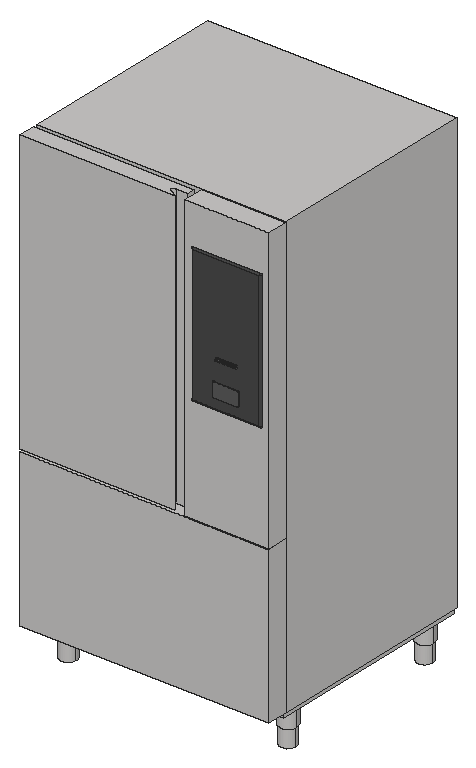
Revit family "QF_ALPENINOX_729253_ABFA11RE", category Specialty Equipment, Revit 2018
Family settings
  Round Connector Dimension = Use Diameter
  Part Type = Normal
  Work Plane-Based = No
  Always vertical = Yes
  Cut with Voids When Loaded = No
  Shared = No
  Room Calculation Point = No
Parameters (values of type "QF_ALPENINOX_729253_ABFA11RE.rfa")
  Weight = 220.00 kg
  Watts = 176.516 W
  Volts = 220 V
  URL Manufacturer = "http://www.alpeninox.com"
  URL = "http://www.alpeninox.com"
  Steam Supply Size = 0 mm
  Steam Supply Minimum Pressure = 0.0 Pa
  Steam Supply Maximum Pressure = 0.0 Pa
  Steam Pounds per Hour = 0
  Show Logo [instance] = yes
  Show Clearance [instance] = yes
  Refrigeration Suction Line Size = 0.052 mm
  Refrigeration Liquid Line Size = 0.031 mm
  Refrigerant Compressor Remote = yes
  Manufacturer = "Alpeninox"
  Phase = 1
  Model = "ABFA11RE"
  Length Actual = 895 mm  # constant formula
  Item Number = "729253"
  Hot Water Size = 0 mm
  Height Actual = 1731 mm  # constant formula
  HP = "2.5 HP"
  Gas Size = 0 mm
  Gas KW = 0
  Gas Input Pressure = 0 W
  Description = "CRIO CHILL BLAST CHILLER FREEZER 50/50KG 10 GN 1/1 - REMOTE REFRIGERATED UNIT"
  Depth Actual = 939 mm  # constant formula
  Cycle = 60 Hz
  Condensate Return Size = 0 mm
  Compressed Air Volume = 0.0 L/s
  Compressed Air Size = 0 mm
  Compressed Air Pressure = 0.0 Pa
  Cold Water Size = 0 mm
  Accessory = yes
Values of the unnamed type that differ from the named types
  Watts = 0 W
  Volts = 0 V
  URL Manufacturer = ""
  Item Number = ""
  HP = ""
  Cycle = 0 Hz
Reference planes
  plane 1 "Center X": y = 126.351
  plane 2: z = 0
  plane 3 "Center Y": x = -311.5
  plane 4 "LEFT": x = -759
  plane 5 "BACK": y = 547.851
  plane 6 "RIGHT": x = 136
  plane 7 "FRONT": y = -295.149
  plane 8: z = 130
  plane 9 "TOP": z = 1731
  plane 10: x = -707
  plane 11: y = 471.851
  plane 12: x = 84
  plane 13: y = -144.149
  plane 14: y = 639.851
  plane 15: y = -834.149
Forms (mm)
  Extrusion 1, solid, material "QF_Finishes_Stainless Steel"
    sketch origin (0, 0, 1731) x (-1, 0, 0) y (0, -1, 0)
      loop
        line (759, -547.851) -> (759, 219.149) -> (-136, 219.149) -> (-136, -547.851) -> (759, -547.851)
    from 0 to -1581
  Extrusion 2, solid, material "QF_Finishes_Stainless Steel"
    sketch origin (-759, -0.954, 258.709) x (0, 1, 0) y (0, 0, 1)
      loop
        line (548.805, 694.306) -> (548.805, 392.314) -> (633.5, 399.789)
        arc (633.5, 399.789) -> (638.702, 402.354) -> (640.805, 407.759) r 8
        line (640.805, 407.759) -> (640.805, 433.233)
        arc (640.805, 433.233) -> (636.783, 442.547) -> (640.805, 451.86) r 12.795
        line (640.805, 451.86) -> (640.805, 483.24)
        arc (640.805, 483.24) -> (636.783, 492.554) -> (640.805, 501.867) r 12.795
        line (640.805, 501.867) -> (640.805, 533.247)
        arc (640.805, 533.247) -> (636.783, 542.56) -> (640.805, 551.874) r 12.795
        line (640.805, 551.874) -> (640.805, 583.254)
        arc (640.805, 583.254) -> (636.783, 592.567) -> (640.805, 601.881) r 12.795
        line (640.805, 601.881) -> (640.805, 634.796)
        arc (640.805, 634.796) -> (639.466, 639.795) -> (635.808, 643.455) r 10
        line (635.808, 643.455) -> (548.805, 694.306)
    from 618.187 to 801.865
  Extrusion 3, solid, material "QF_Finishes_Stainless Steel"
    sketch origin (-54.727, 547.851, 2066) x (1, 0, 0) y (0, 0, -1)
      loop
        circle (121.727, 1473) r 10.5
    from 0 to 29
  Extrusion 4, solid, material "QF_Finishes_Stainless Steel"
    sketch origin (-1206.916, -1524, 130) x (-1, 0, 0) y (0, -1, 0)
      loop
        line (-447.916, -1228.851) -> (-1342.916, -1228.851) -> (-1342.916, -1303.851) -> (-447.916, -1303.851) -> (-447.916, -1228.851)
    from 580 to 20.02
  Extrusion 5, solid, material "QF_Finishes_Stainless Steel"
    sketch origin (-1206.916, -1524, 130) x (-1, 0, 0) y (0, -1, 0)
      loop
        line (-456.916, -2071.851) -> (-456.916, -1306.851) -> (-1333.916, -1306.851) -> (-1333.916, -2071.851) -> (-456.916, -2071.851)
    from 20 to 0
  Extrusion 6, solid, material "QF_Finishes_Stainless Steel"
    sketch origin (-1206.916, -1524, 130) x (0, -1, 0) y (-1, 0, 0)
      loop
        circle (-1673.851, -847.916) r 9.5
    from 0 to 31.68
  Extrusion 7, void
    sketch origin (1, 0, 1731) x (-1, 0, 0) y (0, -1, 0)
      loop
        line (132.09, -639.851) -> (141.813, -639.851) -> (141.813, -547.851) -> (140.183, -547.851) -> (132.09, -639.851)
      loop
        line (-40.234, -547.851) -> (-41.865, -547.851) -> (-41.865, -639.851) -> (-32.141, -639.851) -> (-40.234, -547.851)
    from -1080 to -770
  Extrusion 8, solid, material "QF_Finishes_Stainless Steel"
    sketch origin (-623, 0, 1060.038) x (1, 0, 0) y (0, 1, 0)
      loop
        line (759, -295.149) -> (759, -220.149) -> (457, -220.149) -> (457, -295.149) -> (759, -295.149)
    from 670.962 to -349
  Extrusion 9, void
    sketch origin (136, -219.149, 1731) x (1, 0, 0) y (0, 0, -1)
      loop
        line (-366.8, 60) -> (-366.8, 962) -> (-834, 962) -> (-834, 60) -> (-366.8, 60)
    from 0 to 705
  Extrusion 10, solid, material "QF_Finishes_Stainless Steel"
    sketch origin (-759, 547.851, 1731) x (1, 0, 0) y (0, 0, -1)
      loop
        circle (743, 1514) r 4.75
    from -100 to -80
  Extrusion 11, solid, material "QF_Finishes_Stainless Steel"
    sketch origin (-759, 547.851, 1731) x (1, 0, 0) y (0, 0, -1)
      loop
        circle (685, 1508) r 8
    from -100 to -20
  Extrusion 12, solid, material "QF_Finishes_Stainless Steel"
    sketch origin (-623, -295.149, 0) x (1, 0, 0) y (0, 0, -1)
      loop
        line (442.2, -1731) -> (442.2, -719.524) -> (-136, -719.524) -> (-136, -1731) -> (442.2, -1731)
    from 0 to 60
  Extrusion 13, solid, material "QF_Door-Drawer Clearances", visible <- "Show Clearance", detail levels coarse
    sketch origin (-623, 0, 1060.038) x (1, 0, 0) y (0, 1, 0)
      loop
        line (-82, -295.149) -> (-82, -831.649)
        arc (-82, -831.649) -> (284.195, -665.108) -> (442.2, -295.149) r 556
        line (442.2, -295.149) -> (-82, -295.149)
    from -340.514 to 670.962
  Extrusion 14, solid, material "QF_Door-Drawer Clearances", visible <- "Show Clearance", detail levels coarse
    sketch origin (-765, -389.449, 0) x (0, -1, 0) y (0, 0, -1)
      loop
        line (442.2, -1731) -> (442.2, -719.524) -> (-94.3, -719.524) -> (-94.3, -1731) -> (442.2, -1731)
    from 0 to 60
  Extrusion 15, void
    sketch origin (-853.545, 0, 0) x (1, 0, 0) y (0, 1, 0)
      loop
        arc (627.437, -262.922) -> (619.313, -269.056) -> (623.077, -278.514) r 8.395
        line (623.077, -278.514) -> (650.783, -295.149) -> (672.745, -295.149) -> (672.745, -262.922) -> (627.437, -262.922)
    from 719.524 to 1731
  Extrusion 16, void
    sketch origin (-995.694, -380.449, 0) x (0, 1, 0) y (-1, 0, 0)
      loop
        arc (-405.892, -262.922) -> (-397.768, -256.787) -> (-401.532, -247.329) r 8.395
        line (-401.532, -247.329) -> (-429.238, -230.694) -> (-451.2, -230.694) -> (-451.2, -262.922) -> (-405.892, -262.922)
    from 719.524 to 1731
Cuts and joins
  Extrusion 9 cuts Extrusion 1
  Extrusion 7, Extrusion 9 cuts Extrusion 2
  Extrusion 9 cuts Extrusion 3
  Extrusion 9 cuts Extrusion 5
  Extrusion 9 cuts Extrusion 6
  joined: Extrusion 1, Extrusion 2, Extrusion 3, Extrusion 5, Extrusion 6
  Extrusion 15 cuts Extrusion 12
  Extrusion 15 cuts Extrusion 13
  Extrusion 16 cuts Extrusion 14
  joined: Extrusion 13, Extrusion 14
Lines and regions (mm)
  Split face 1
    outline origin (594.146, -295.149, -365.12) x (-1, 0, 0) y (0, 0, -1)
      loop
        line (490.638, -548.639) -> (600.654, -548.639) -> (600.654, -543.665) -> (490.638, -543.665) -> (490.638, -548.639)
  Split face 2
    outline origin (594.146, -295.149, -355.62) x (-1, 0, 0) y (0, 0, -1)
      loop
        line (490.638, -548.639) -> (600.654, -548.639) -> (600.654, -543.665) -> (490.638, -543.665) -> (490.638, -548.639)
  Split face 3
    outline origin (594.146, -295.149, -346.12) x (-1, 0, 0) y (0, 0, -1)
      loop
        line (490.638, -548.639) -> (600.654, -548.639) -> (600.654, -543.665) -> (490.638, -543.665) -> (490.638, -548.639)
  Split face 4
    outline origin (594.146, -295.149, -336.62) x (-1, 0, 0) y (0, 0, -1)
      loop
        line (490.638, -548.639) -> (600.654, -548.639) -> (600.654, -543.665) -> (490.638, -543.665) -> (490.638, -548.639)
  Split face 5
    outline origin (594.146, -295.149, -327.12) x (-1, 0, 0) y (0, 0, -1)
      loop
        line (490.638, -548.639) -> (600.654, -548.639) -> (600.654, -543.665) -> (490.638, -543.665) -> (490.638, -548.639)
  Split face 6
    outline origin (594.146, -295.149, -317.619) x (-1, 0, 0) y (0, 0, -1)
      loop
        line (490.638, -548.639) -> (600.654, -548.639) -> (600.654, -543.665) -> (490.638, -543.665) -> (490.638, -548.639)
  Split face 7
    outline origin (594.146, -295.149, -308.119) x (-1, 0, 0) y (0, 0, -1)
      loop
        line (490.638, -548.639) -> (600.654, -548.639) -> (600.654, -543.665) -> (490.638, -543.665) -> (490.638, -548.639)
  Split face 8
    outline origin (594.146, -295.149, -298.619) x (-1, 0, 0) y (0, 0, -1)
      loop
        line (490.638, -548.639) -> (600.654, -548.639) -> (600.654, -543.665) -> (490.638, -543.665) -> (490.638, -548.639)
  Split face 9
    outline origin (594.146, -295.149, -289.119) x (-1, 0, 0) y (0, 0, -1)
      loop
        line (490.638, -548.639) -> (600.654, -548.639) -> (600.654, -543.665) -> (490.638, -543.665) -> (490.638, -548.639)
  Split face 10
    outline origin (594.146, -295.149, -279.619) x (-1, 0, 0) y (0, 0, -1)
      loop
        line (490.638, -548.639) -> (600.654, -548.639) -> (600.654, -543.665) -> (490.638, -543.665) -> (490.638, -548.639)
  Split face 11
    outline origin (594.146, -295.149, -270.119) x (-1, 0, 0) y (0, 0, -1)
      loop
        line (490.638, -548.639) -> (600.654, -548.639) -> (600.654, -543.665) -> (490.638, -543.665) -> (490.638, -548.639)
  Split face 12
    outline origin (594.146, -295.149, -260.619) x (-1, 0, 0) y (0, 0, -1)
      loop
        line (490.638, -548.639) -> (600.654, -548.639) -> (600.654, -543.665) -> (490.638, -543.665) -> (490.638, -548.639)
  Split face 13
    outline origin (594.146, -295.149, -251.119) x (-1, 0, 0) y (0, 0, -1)
      loop
        line (490.638, -548.639) -> (600.654, -548.639) -> (600.654, -543.665) -> (490.638, -543.665) -> (490.638, -548.639)
  Split face 14
    outline origin (594.146, -295.149, -241.619) x (-1, 0, 0) y (0, 0, -1)
      loop
        line (490.638, -548.639) -> (600.654, -548.639) -> (600.654, -543.665) -> (490.638, -543.665) -> (490.638, -548.639)
  Split face 15
    outline origin (594.146, -295.149, -232.119) x (-1, 0, 0) y (0, 0, -1)
      loop
        line (490.638, -548.639) -> (600.654, -548.639) -> (600.654, -543.665) -> (490.638, -543.665) -> (490.638, -548.639)
  Split face 16
    outline origin (594.146, -295.149, -222.619) x (-1, 0, 0) y (0, 0, -1)
      loop
        line (490.638, -548.639) -> (600.654, -548.639) -> (600.654, -543.665) -> (490.638, -543.665) -> (490.638, -548.639)
  Split face 17
    outline origin (594.146, -295.149, -213.119) x (-1, 0, 0) y (0, 0, -1)
      loop
        line (490.638, -548.639) -> (600.654, -548.639) -> (600.654, -543.665) -> (490.638, -543.665) -> (490.638, -548.639)
  Split face 18
    outline origin (594.146, -295.149, -203.619) x (-1, 0, 0) y (0, 0, -1)
      loop
        line (490.638, -548.639) -> (600.654, -548.639) -> (600.654, -543.665) -> (490.638, -543.665) -> (490.638, -548.639)
  Split face 19
    outline origin (594.146, -295.149, -194.118) x (-1, 0, 0) y (0, 0, -1)
      loop
        line (490.638, -548.639) -> (600.654, -548.639) -> (600.654, -543.665) -> (490.638, -543.665) -> (490.638, -548.639)
  Split face 20
    outline origin (594.146, -295.149, -184.618) x (-1, 0, 0) y (0, 0, -1)
      loop
        line (490.638, -548.639) -> (600.654, -548.639) -> (600.654, -543.665) -> (490.638, -543.665) -> (490.638, -548.639)
  Split face 21
    outline origin (594.146, -295.149, -175.118) x (-1, 0, 0) y (0, 0, -1)
      loop
        line (490.638, -548.639) -> (600.654, -548.639) -> (600.654, -543.665) -> (490.638, -543.665) -> (490.638, -548.639)
  Split face 22
    outline origin (594.146, -295.149, -165.618) x (-1, 0, 0) y (0, 0, -1)
      loop
        line (490.638, -548.639) -> (600.654, -548.639) -> (600.654, -543.665) -> (490.638, -543.665) -> (490.638, -548.639)
  Split face 23
    outline origin (594.146, -295.149, -156.118) x (-1, 0, 0) y (0, 0, -1)
      loop
        line (490.638, -548.639) -> (600.654, -548.639) -> (600.654, -543.665) -> (490.638, -543.665) -> (490.638, -548.639)
  Split face 24
    outline origin (594.146, -295.149, -146.618) x (-1, 0, 0) y (0, 0, -1)
      loop
        line (490.638, -548.639) -> (600.654, -548.639) -> (600.654, -543.665) -> (490.638, -543.665) -> (490.638, -548.639)
  Split face 25
    outline origin (594.146, -295.149, -137.118) x (-1, 0, 0) y (0, 0, -1)
      loop
        line (490.638, -548.639) -> (600.654, -548.639) -> (600.654, -543.665) -> (490.638, -543.665) -> (490.638, -548.639)
  Split face 26
    outline origin (594.146, -295.149, -127.618) x (-1, 0, 0) y (0, 0, -1)
      loop
        line (490.638, -548.639) -> (600.654, -548.639) -> (600.654, -543.665) -> (490.638, -543.665) -> (490.638, -548.639)
  Split face 27
    outline origin (594.146, -295.149, -118.118) x (-1, 0, 0) y (0, 0, -1)
      loop
        line (490.638, -548.639) -> (600.654, -548.639) -> (600.654, -543.665) -> (490.638, -543.665) -> (490.638, -548.639)
  Split face 28
    outline origin (594.146, -295.149, -108.618) x (-1, 0, 0) y (0, 0, -1)
      loop
        line (490.638, -548.639) -> (600.654, -548.639) -> (600.654, -543.665) -> (490.638, -543.665) -> (490.638, -548.639)
  Split face 29
    outline origin (594.146, -295.149, -99.118) x (-1, 0, 0) y (0, 0, -1)
      loop
        line (490.638, -548.639) -> (600.654, -548.639) -> (600.654, -543.665) -> (490.638, -543.665) -> (490.638, -548.639)
  Split face 30
    outline origin (594.146, -295.149, -89.618) x (-1, 0, 0) y (0, 0, -1)
      loop
        line (490.638, -548.639) -> (600.654, -548.639) -> (600.654, -543.665) -> (490.638, -543.665) -> (490.638, -548.639)
  Split face 31
    outline origin (594.146, -295.149, -80.117) x (-1, 0, 0) y (0, 0, -1)
      loop
        line (490.638, -548.639) -> (600.654, -548.639) -> (600.654, -543.665) -> (490.638, -543.665) -> (490.638, -548.639)
  Split face 32
    outline origin (594.146, -295.149, -70.617) x (-1, 0, 0) y (0, 0, -1)
      loop
        line (490.638, -548.639) -> (600.654, -548.639) -> (600.654, -543.665) -> (490.638, -543.665) -> (490.638, -548.639)
  Split face 33
    outline origin (594.146, -295.149, -61.117) x (-1, 0, 0) y (0, 0, -1)
      loop
        line (490.638, -548.639) -> (600.654, -548.639) -> (600.654, -543.665) -> (490.638, -543.665) -> (490.638, -548.639)
  Split face 34
    outline origin (594.146, -295.149, -51.617) x (-1, 0, 0) y (0, 0, -1)
      loop
        line (490.638, -548.639) -> (600.654, -548.639) -> (600.654, -543.665) -> (490.638, -543.665) -> (490.638, -548.639)
  Split face 35
    outline origin (594.146, -295.149, -42.117) x (-1, 0, 0) y (0, 0, -1)
      loop
        line (490.638, -548.639) -> (600.654, -548.639) -> (600.654, -543.665) -> (490.638, -543.665) -> (490.638, -548.639)
  Split face 36
    outline origin (594.146, -295.149, -32.617) x (-1, 0, 0) y (0, 0, -1)
      loop
        line (490.638, -548.639) -> (600.654, -548.639) -> (600.654, -543.665) -> (490.638, -543.665) -> (490.638, -548.639)
  Split face 37
    outline origin (594.146, -295.149, -23.117) x (-1, 0, 0) y (0, 0, -1)
      loop
        line (490.638, -548.639) -> (600.654, -548.639) -> (600.654, -543.665) -> (490.638, -543.665) -> (490.638, -548.639)
  Split face 38
    outline origin (594.146, -295.149, -13.617) x (-1, 0, 0) y (0, 0, -1)
      loop
        line (490.638, -548.639) -> (600.654, -548.639) -> (600.654, -543.665) -> (490.638, -543.665) -> (490.638, -548.639)
  Split face 39
    outline origin (594.146, -295.149, -4.117) x (-1, 0, 0) y (0, 0, -1)
      loop
        line (490.638, -548.639) -> (600.654, -548.639) -> (600.654, -543.665) -> (490.638, -543.665) -> (490.638, -548.639)
  Split face 40
    outline origin (594.146, -295.149, 5.383) x (-1, 0, 0) y (0, 0, -1)
      loop
        line (490.638, -548.639) -> (600.654, -548.639) -> (600.654, -543.665) -> (490.638, -543.665) -> (490.638, -548.639)
  Split face 41
    outline origin (594.146, -295.149, 14.883) x (-1, 0, 0) y (0, 0, -1)
      loop
        line (490.638, -548.639) -> (600.654, -548.639) -> (600.654, -543.665) -> (490.638, -543.665) -> (490.638, -548.639)
  Split face 42
    outline origin (474.155, -295.149, -365.12) x (-1, 0, 0) y (0, 0, -1)
      loop
        line (490.638, -548.639) -> (600.654, -548.639) -> (600.654, -543.665) -> (490.638, -543.665) -> (490.638, -548.639)
  Split face 43
    outline origin (474.155, -295.149, -355.62) x (-1, 0, 0) y (0, 0, -1)
      loop
        line (490.638, -548.639) -> (600.654, -548.639) -> (600.654, -543.665) -> (490.638, -543.665) -> (490.638, -548.639)
  Split face 44
    outline origin (474.155, -295.149, -346.12) x (-1, 0, 0) y (0, 0, -1)
      loop
        line (490.638, -548.639) -> (600.654, -548.639) -> (600.654, -543.665) -> (490.638, -543.665) -> (490.638, -548.639)
  Split face 45
    outline origin (474.155, -295.149, -336.62) x (-1, 0, 0) y (0, 0, -1)
      loop
        line (490.638, -548.639) -> (600.654, -548.639) -> (600.654, -543.665) -> (490.638, -543.665) -> (490.638, -548.639)
  Split face 46
    outline origin (474.155, -295.149, -327.12) x (-1, 0, 0) y (0, 0, -1)
      loop
        line (490.638, -548.639) -> (600.654, -548.639) -> (600.654, -543.665) -> (490.638, -543.665) -> (490.638, -548.639)
  Split face 47
    outline origin (474.155, -295.149, -317.619) x (-1, 0, 0) y (0, 0, -1)
      loop
        line (490.638, -548.639) -> (600.654, -548.639) -> (600.654, -543.665) -> (490.638, -543.665) -> (490.638, -548.639)
  Split face 48
    outline origin (474.155, -295.149, -308.119) x (-1, 0, 0) y (0, 0, -1)
      loop
        line (490.638, -548.639) -> (600.654, -548.639) -> (600.654, -543.665) -> (490.638, -543.665) -> (490.638, -548.639)
  Split face 49
    outline origin (474.155, -295.149, -298.619) x (-1, 0, 0) y (0, 0, -1)
      loop
        line (490.638, -548.639) -> (600.654, -548.639) -> (600.654, -543.665) -> (490.638, -543.665) -> (490.638, -548.639)
  Split face 50
    outline origin (474.155, -295.149, -289.119) x (-1, 0, 0) y (0, 0, -1)
      loop
        line (490.638, -548.639) -> (600.654, -548.639) -> (600.654, -543.665) -> (490.638, -543.665) -> (490.638, -548.639)
  Split face 51
    outline origin (474.155, -295.149, -279.619) x (-1, 0, 0) y (0, 0, -1)
      loop
        line (490.638, -548.639) -> (600.654, -548.639) -> (600.654, -543.665) -> (490.638, -543.665) -> (490.638, -548.639)
  Split face 52
    outline origin (474.155, -295.149, -270.119) x (-1, 0, 0) y (0, 0, -1)
      loop
        line (490.638, -548.639) -> (600.654, -548.639) -> (600.654, -543.665) -> (490.638, -543.665) -> (490.638, -548.639)
  Split face 53
    outline origin (474.155, -295.149, -260.619) x (-1, 0, 0) y (0, 0, -1)
      loop
        line (490.638, -548.639) -> (600.654, -548.639) -> (600.654, -543.665) -> (490.638, -543.665) -> (490.638, -548.639)
  Split face 54
    outline origin (474.155, -295.149, -251.119) x (-1, 0, 0) y (0, 0, -1)
      loop
        line (490.638, -548.639) -> (600.654, -548.639) -> (600.654, -543.665) -> (490.638, -543.665) -> (490.638, -548.639)
  Split face 55
    outline origin (474.155, -295.149, -241.619) x (-1, 0, 0) y (0, 0, -1)
      loop
        line (490.638, -548.639) -> (600.654, -548.639) -> (600.654, -543.665) -> (490.638, -543.665) -> (490.638, -548.639)
  Split face 56
    outline origin (474.155, -295.149, -232.119) x (-1, 0, 0) y (0, 0, -1)
      loop
        line (490.638, -548.639) -> (600.654, -548.639) -> (600.654, -543.665) -> (490.638, -543.665) -> (490.638, -548.639)
  Split face 57
    outline origin (474.155, -295.149, -222.619) x (-1, 0, 0) y (0, 0, -1)
      loop
        line (490.638, -548.639) -> (600.654, -548.639) -> (600.654, -543.665) -> (490.638, -543.665) -> (490.638, -548.639)
  Split face 58
    outline origin (474.155, -295.149, -213.119) x (-1, 0, 0) y (0, 0, -1)
      loop
        line (490.638, -548.639) -> (600.654, -548.639) -> (600.654, -543.665) -> (490.638, -543.665) -> (490.638, -548.639)
  Split face 59
    outline origin (474.155, -295.149, -203.619) x (-1, 0, 0) y (0, 0, -1)
      loop
        line (490.638, -548.639) -> (600.654, -548.639) -> (600.654, -543.665) -> (490.638, -543.665) -> (490.638, -548.639)
  Split face 60
    outline origin (474.155, -295.149, -194.118) x (-1, 0, 0) y (0, 0, -1)
      loop
        line (490.638, -548.639) -> (600.654, -548.639) -> (600.654, -543.665) -> (490.638, -543.665) -> (490.638, -548.639)
  Split face 61
    outline origin (474.155, -295.149, -184.618) x (-1, 0, 0) y (0, 0, -1)
      loop
        line (490.638, -548.639) -> (600.654, -548.639) -> (600.654, -543.665) -> (490.638, -543.665) -> (490.638, -548.639)
  Split face 62
    outline origin (474.155, -295.149, -175.118) x (-1, 0, 0) y (0, 0, -1)
      loop
        line (490.638, -548.639) -> (600.654, -548.639) -> (600.654, -543.665) -> (490.638, -543.665) -> (490.638, -548.639)
  Split face 63
    outline origin (474.155, -295.149, -165.618) x (-1, 0, 0) y (0, 0, -1)
      loop
        line (490.638, -548.639) -> (600.654, -548.639) -> (600.654, -543.665) -> (490.638, -543.665) -> (490.638, -548.639)
  Split face 64
    outline origin (474.155, -295.149, -156.118) x (-1, 0, 0) y (0, 0, -1)
      loop
        line (490.638, -548.639) -> (600.654, -548.639) -> (600.654, -543.665) -> (490.638, -543.665) -> (490.638, -548.639)
  Split face 65
    outline origin (474.155, -295.149, -146.618) x (-1, 0, 0) y (0, 0, -1)
      loop
        line (490.638, -548.639) -> (600.654, -548.639) -> (600.654, -543.665) -> (490.638, -543.665) -> (490.638, -548.639)
  Split face 66
    outline origin (474.155, -295.149, -137.118) x (-1, 0, 0) y (0, 0, -1)
      loop
        line (490.638, -548.639) -> (600.654, -548.639) -> (600.654, -543.665) -> (490.638, -543.665) -> (490.638, -548.639)
  Split face 67
    outline origin (474.155, -295.149, -127.618) x (-1, 0, 0) y (0, 0, -1)
      loop
        line (490.638, -548.639) -> (600.654, -548.639) -> (600.654, -543.665) -> (490.638, -543.665) -> (490.638, -548.639)
  Split face 68
    outline origin (474.155, -295.149, -118.118) x (-1, 0, 0) y (0, 0, -1)
      loop
        line (490.638, -548.639) -> (600.654, -548.639) -> (600.654, -543.665) -> (490.638, -543.665) -> (490.638, -548.639)
  Split face 69
    outline origin (474.155, -295.149, -108.618) x (-1, 0, 0) y (0, 0, -1)
      loop
        line (490.638, -548.639) -> (600.654, -548.639) -> (600.654, -543.665) -> (490.638, -543.665) -> (490.638, -548.639)
  Split face 70
    outline origin (474.155, -295.149, -99.118) x (-1, 0, 0) y (0, 0, -1)
      loop
        line (490.638, -548.639) -> (600.654, -548.639) -> (600.654, -543.665) -> (490.638, -543.665) -> (490.638, -548.639)
  Split face 71
    outline origin (474.155, -295.149, -89.618) x (-1, 0, 0) y (0, 0, -1)
      loop
        line (490.638, -548.639) -> (600.654, -548.639) -> (600.654, -543.665) -> (490.638, -543.665) -> (490.638, -548.639)
  Split face 72
    outline origin (474.155, -295.149, -80.117) x (-1, 0, 0) y (0, 0, -1)
      loop
        line (490.638, -548.639) -> (600.654, -548.639) -> (600.654, -543.665) -> (490.638, -543.665) -> (490.638, -548.639)
  Split face 73
    outline origin (474.155, -295.149, -70.617) x (-1, 0, 0) y (0, 0, -1)
      loop
        line (490.638, -548.639) -> (600.654, -548.639) -> (600.654, -543.665) -> (490.638, -543.665) -> (490.638, -548.639)
  Split face 74
    outline origin (474.155, -295.149, -61.117) x (-1, 0, 0) y (0, 0, -1)
      loop
        line (490.638, -548.639) -> (600.654, -548.639) -> (600.654, -543.665) -> (490.638, -543.665) -> (490.638, -548.639)
  Split face 75
    outline origin (474.155, -295.149, -51.617) x (-1, 0, 0) y (0, 0, -1)
      loop
        line (490.638, -548.639) -> (600.654, -548.639) -> (600.654, -543.665) -> (490.638, -543.665) -> (490.638, -548.639)
  Split face 76
    outline origin (474.155, -295.149, -42.117) x (-1, 0, 0) y (0, 0, -1)
      loop
        line (490.638, -548.639) -> (600.654, -548.639) -> (600.654, -543.665) -> (490.638, -543.665) -> (490.638, -548.639)
  Split face 77
    outline origin (474.155, -295.149, -32.617) x (-1, 0, 0) y (0, 0, -1)
      loop
        line (490.638, -548.639) -> (600.654, -548.639) -> (600.654, -543.665) -> (490.638, -543.665) -> (490.638, -548.639)
  Split face 78
    outline origin (474.155, -295.149, -23.117) x (-1, 0, 0) y (0, 0, -1)
      loop
        line (490.638, -548.639) -> (600.654, -548.639) -> (600.654, -543.665) -> (490.638, -543.665) -> (490.638, -548.639)
  Split face 79
    outline origin (474.155, -295.149, -13.617) x (-1, 0, 0) y (0, 0, -1)
      loop
        line (490.638, -548.639) -> (600.654, -548.639) -> (600.654, -543.665) -> (490.638, -543.665) -> (490.638, -548.639)
  Split face 80
    outline origin (474.155, -295.149, -4.117) x (-1, 0, 0) y (0, 0, -1)
      loop
        line (490.638, -548.639) -> (600.654, -548.639) -> (600.654, -543.665) -> (490.638, -543.665) -> (490.638, -548.639)
  Split face 81
    outline origin (474.155, -295.149, 5.383) x (-1, 0, 0) y (0, 0, -1)
      loop
        line (490.638, -548.639) -> (600.654, -548.639) -> (600.654, -543.665) -> (490.638, -543.665) -> (490.638, -548.639)
  Split face 82
    outline origin (474.155, -295.149, 14.883) x (-1, 0, 0) y (0, 0, -1)
      loop
        line (490.638, -548.639) -> (600.654, -548.639) -> (600.654, -543.665) -> (490.638, -543.665) -> (490.638, -548.639)
  Split face 83
    outline origin (354.164, -295.149, -365.12) x (-1, 0, 0) y (0, 0, -1)
      loop
        line (490.638, -548.639) -> (600.654, -548.639) -> (600.654, -543.665) -> (490.638, -543.665) -> (490.638, -548.639)
  Split face 84
    outline origin (354.164, -295.149, -355.62) x (-1, 0, 0) y (0, 0, -1)
      loop
        line (490.638, -548.639) -> (600.654, -548.639) -> (600.654, -543.665) -> (490.638, -543.665) -> (490.638, -548.639)
  Split face 85
    outline origin (354.164, -295.149, -346.12) x (-1, 0, 0) y (0, 0, -1)
      loop
        line (490.638, -548.639) -> (600.654, -548.639) -> (600.654, -543.665) -> (490.638, -543.665) -> (490.638, -548.639)
  Split face 86
    outline origin (354.164, -295.149, -336.62) x (-1, 0, 0) y (0, 0, -1)
      loop
        line (490.638, -548.639) -> (600.654, -548.639) -> (600.654, -543.665) -> (490.638, -543.665) -> (490.638, -548.639)
  Split face 87
    outline origin (354.164, -295.149, -327.12) x (-1, 0, 0) y (0, 0, -1)
      loop
        line (490.638, -548.639) -> (600.654, -548.639) -> (600.654, -543.665) -> (490.638, -543.665) -> (490.638, -548.639)
  Split face 88
    outline origin (354.164, -295.149, -317.619) x (-1, 0, 0) y (0, 0, -1)
      loop
        line (490.638, -548.639) -> (600.654, -548.639) -> (600.654, -543.665) -> (490.638, -543.665) -> (490.638, -548.639)
  Split face 89
    outline origin (354.164, -295.149, -308.119) x (-1, 0, 0) y (0, 0, -1)
      loop
        line (490.638, -548.639) -> (600.654, -548.639) -> (600.654, -543.665) -> (490.638, -543.665) -> (490.638, -548.639)
  Split face 90
    outline origin (354.164, -295.149, -298.619) x (-1, 0, 0) y (0, 0, -1)
      loop
        line (490.638, -548.639) -> (600.654, -548.639) -> (600.654, -543.665) -> (490.638, -543.665) -> (490.638, -548.639)
  Split face 91
    outline origin (354.164, -295.149, -289.119) x (-1, 0, 0) y (0, 0, -1)
      loop
        line (490.638, -548.639) -> (600.654, -548.639) -> (600.654, -543.665) -> (490.638, -543.665) -> (490.638, -548.639)
  Split face 92
    outline origin (354.164, -295.149, -279.619) x (-1, 0, 0) y (0, 0, -1)
      loop
        line (490.638, -548.639) -> (600.654, -548.639) -> (600.654, -543.665) -> (490.638, -543.665) -> (490.638, -548.639)
  Split face 93
    outline origin (354.164, -295.149, -270.119) x (-1, 0, 0) y (0, 0, -1)
      loop
        line (490.638, -548.639) -> (600.654, -548.639) -> (600.654, -543.665) -> (490.638, -543.665) -> (490.638, -548.639)
  Split face 94
    outline origin (354.164, -295.149, -260.619) x (-1, 0, 0) y (0, 0, -1)
      loop
        line (490.638, -548.639) -> (600.654, -548.639) -> (600.654, -543.665) -> (490.638, -543.665) -> (490.638, -548.639)
  Split face 95
    outline origin (354.164, -295.149, -251.119) x (-1, 0, 0) y (0, 0, -1)
      loop
        line (490.638, -548.639) -> (600.654, -548.639) -> (600.654, -543.665) -> (490.638, -543.665) -> (490.638, -548.639)
  Split face 96
    outline origin (354.164, -295.149, -241.619) x (-1, 0, 0) y (0, 0, -1)
      loop
        line (490.638, -548.639) -> (600.654, -548.639) -> (600.654, -543.665) -> (490.638, -543.665) -> (490.638, -548.639)
  Split face 97
    outline origin (354.164, -295.149, -232.119) x (-1, 0, 0) y (0, 0, -1)
      loop
        line (490.638, -548.639) -> (600.654, -548.639) -> (600.654, -543.665) -> (490.638, -543.665) -> (490.638, -548.639)
  Split face 98
    outline origin (354.164, -295.149, -222.619) x (-1, 0, 0) y (0, 0, -1)
      loop
        line (490.638, -548.639) -> (600.654, -548.639) -> (600.654, -543.665) -> (490.638, -543.665) -> (490.638, -548.639)
  Split face 99
    outline origin (354.164, -295.149, -213.119) x (-1, 0, 0) y (0, 0, -1)
      loop
        line (490.638, -548.639) -> (600.654, -548.639) -> (600.654, -543.665) -> (490.638, -543.665) -> (490.638, -548.639)
  Split face 100
    outline origin (354.164, -295.149, -203.619) x (-1, 0, 0) y (0, 0, -1)
      loop
        line (490.638, -548.639) -> (600.654, -548.639) -> (600.654, -543.665) -> (490.638, -543.665) -> (490.638, -548.639)
  Split face 101
    outline origin (354.164, -295.149, -194.118) x (-1, 0, 0) y (0, 0, -1)
      loop
        line (490.638, -548.639) -> (600.654, -548.639) -> (600.654, -543.665) -> (490.638, -543.665) -> (490.638, -548.639)
  Split face 102
    outline origin (354.164, -295.149, -184.618) x (-1, 0, 0) y (0, 0, -1)
      loop
        line (490.638, -548.639) -> (600.654, -548.639) -> (600.654, -543.665) -> (490.638, -543.665) -> (490.638, -548.639)
  Split face 103
    outline origin (354.164, -295.149, -175.118) x (-1, 0, 0) y (0, 0, -1)
      loop
        line (490.638, -548.639) -> (600.654, -548.639) -> (600.654, -543.665) -> (490.638, -543.665) -> (490.638, -548.639)
  Split face 104
    outline origin (354.164, -295.149, -165.618) x (-1, 0, 0) y (0, 0, -1)
      loop
        line (490.638, -548.639) -> (600.654, -548.639) -> (600.654, -543.665) -> (490.638, -543.665) -> (490.638, -548.639)
  Split face 105
    outline origin (354.164, -295.149, -156.118) x (-1, 0, 0) y (0, 0, -1)
      loop
        line (490.638, -548.639) -> (600.654, -548.639) -> (600.654, -543.665) -> (490.638, -543.665) -> (490.638, -548.639)
  Split face 106
    outline origin (354.164, -295.149, -146.618) x (-1, 0, 0) y (0, 0, -1)
      loop
        line (490.638, -548.639) -> (600.654, -548.639) -> (600.654, -543.665) -> (490.638, -543.665) -> (490.638, -548.639)
  Split face 107
    outline origin (354.164, -295.149, -137.118) x (-1, 0, 0) y (0, 0, -1)
      loop
        line (490.638, -548.639) -> (600.654, -548.639) -> (600.654, -543.665) -> (490.638, -543.665) -> (490.638, -548.639)
  Split face 108
    outline origin (354.164, -295.149, -127.618) x (-1, 0, 0) y (0, 0, -1)
      loop
        line (490.638, -548.639) -> (600.654, -548.639) -> (600.654, -543.665) -> (490.638, -543.665) -> (490.638, -548.639)
  Split face 109
    outline origin (354.164, -295.149, -118.118) x (-1, 0, 0) y (0, 0, -1)
      loop
        line (490.638, -548.639) -> (600.654, -548.639) -> (600.654, -543.665) -> (490.638, -543.665) -> (490.638, -548.639)
  Split face 110
    outline origin (354.164, -295.149, -108.618) x (-1, 0, 0) y (0, 0, -1)
      loop
        line (490.638, -548.639) -> (600.654, -548.639) -> (600.654, -543.665) -> (490.638, -543.665) -> (490.638, -548.639)
  Split face 111
    outline origin (354.164, -295.149, -99.118) x (-1, 0, 0) y (0, 0, -1)
      loop
        line (490.638, -548.639) -> (600.654, -548.639) -> (600.654, -543.665) -> (490.638, -543.665) -> (490.638, -548.639)
  Split face 112
    outline origin (354.164, -295.149, -89.618) x (-1, 0, 0) y (0, 0, -1)
      loop
        line (490.638, -548.639) -> (600.654, -548.639) -> (600.654, -543.665) -> (490.638, -543.665) -> (490.638, -548.639)
  Split face 113
    outline origin (354.164, -295.149, -80.117) x (-1, 0, 0) y (0, 0, -1)
      loop
        line (490.638, -548.639) -> (600.654, -548.639) -> (600.654, -543.665) -> (490.638, -543.665) -> (490.638, -548.639)
  Split face 114
    outline origin (354.164, -295.149, -70.617) x (-1, 0, 0) y (0, 0, -1)
      loop
        line (490.638, -548.639) -> (600.654, -548.639) -> (600.654, -543.665) -> (490.638, -543.665) -> (490.638, -548.639)
  Split face 115
    outline origin (354.164, -295.149, -61.117) x (-1, 0, 0) y (0, 0, -1)
      loop
        line (490.638, -548.639) -> (600.654, -548.639) -> (600.654, -543.665) -> (490.638, -543.665) -> (490.638, -548.639)
  Split face 116
    outline origin (354.164, -295.149, -51.617) x (-1, 0, 0) y (0, 0, -1)
      loop
        line (490.638, -548.639) -> (600.654, -548.639) -> (600.654, -543.665) -> (490.638, -543.665) -> (490.638, -548.639)
  Split face 117
    outline origin (354.164, -295.149, -42.117) x (-1, 0, 0) y (0, 0, -1)
      loop
        line (490.638, -548.639) -> (600.654, -548.639) -> (600.654, -543.665) -> (490.638, -543.665) -> (490.638, -548.639)
  Split face 118
    outline origin (354.164, -295.149, -32.617) x (-1, 0, 0) y (0, 0, -1)
      loop
        line (490.638, -548.639) -> (600.654, -548.639) -> (600.654, -543.665) -> (490.638, -543.665) -> (490.638, -548.639)
  Split face 119
    outline origin (354.164, -295.149, -23.117) x (-1, 0, 0) y (0, 0, -1)
      loop
        line (490.638, -548.639) -> (600.654, -548.639) -> (600.654, -543.665) -> (490.638, -543.665) -> (490.638, -548.639)
  Split face 120
    outline origin (354.164, -295.149, -13.617) x (-1, 0, 0) y (0, 0, -1)
      loop
        line (490.638, -548.639) -> (600.654, -548.639) -> (600.654, -543.665) -> (490.638, -543.665) -> (490.638, -548.639)
  Split face 121
    outline origin (354.164, -295.149, -4.117) x (-1, 0, 0) y (0, 0, -1)
      loop
        line (490.638, -548.639) -> (600.654, -548.639) -> (600.654, -543.665) -> (490.638, -543.665) -> (490.638, -548.639)
  Split face 122
    outline origin (354.164, -295.149, 5.383) x (-1, 0, 0) y (0, 0, -1)
      loop
        line (490.638, -548.639) -> (600.654, -548.639) -> (600.654, -543.665) -> (490.638, -543.665) -> (490.638, -548.639)
  Split face 123
    outline origin (354.164, -295.149, 14.883) x (-1, 0, 0) y (0, 0, -1)
      loop
        line (490.638, -548.639) -> (600.654, -548.639) -> (600.654, -543.665) -> (490.638, -543.665) -> (490.638, -548.639)
  Split face 124
    outline origin (234.172, -295.149, -365.12) x (-1, 0, 0) y (0, 0, -1)
      loop
        line (490.638, -548.639) -> (600.654, -548.639) -> (600.654, -543.665) -> (490.638, -543.665) -> (490.638, -548.639)
  Split face 125
    outline origin (234.172, -295.149, -355.62) x (-1, 0, 0) y (0, 0, -1)
      loop
        line (490.638, -548.639) -> (600.654, -548.639) -> (600.654, -543.665) -> (490.638, -543.665) -> (490.638, -548.639)
  Split face 126
    outline origin (234.172, -295.149, -346.12) x (-1, 0, 0) y (0, 0, -1)
      loop
        line (490.638, -548.639) -> (600.654, -548.639) -> (600.654, -543.665) -> (490.638, -543.665) -> (490.638, -548.639)
  Split face 127
    outline origin (234.172, -295.149, -336.62) x (-1, 0, 0) y (0, 0, -1)
      loop
        line (490.638, -548.639) -> (600.654, -548.639) -> (600.654, -543.665) -> (490.638, -543.665) -> (490.638, -548.639)
  Split face 128
    outline origin (234.172, -295.149, -327.12) x (-1, 0, 0) y (0, 0, -1)
      loop
        line (490.638, -548.639) -> (600.654, -548.639) -> (600.654, -543.665) -> (490.638, -543.665) -> (490.638, -548.639)
  Split face 129
    outline origin (234.172, -295.149, -317.619) x (-1, 0, 0) y (0, 0, -1)
      loop
        line (490.638, -548.639) -> (600.654, -548.639) -> (600.654, -543.665) -> (490.638, -543.665) -> (490.638, -548.639)
  Split face 130
    outline origin (234.172, -295.149, -308.119) x (-1, 0, 0) y (0, 0, -1)
      loop
        line (490.638, -548.639) -> (600.654, -548.639) -> (600.654, -543.665) -> (490.638, -543.665) -> (490.638, -548.639)
  Split face 131
    outline origin (234.172, -295.149, -298.619) x (-1, 0, 0) y (0, 0, -1)
      loop
        line (490.638, -548.639) -> (600.654, -548.639) -> (600.654, -543.665) -> (490.638, -543.665) -> (490.638, -548.639)
  Split face 132
    outline origin (234.172, -295.149, -289.119) x (-1, 0, 0) y (0, 0, -1)
      loop
        line (490.638, -548.639) -> (600.654, -548.639) -> (600.654, -543.665) -> (490.638, -543.665) -> (490.638, -548.639)
  Split face 133
    outline origin (234.172, -295.149, -279.619) x (-1, 0, 0) y (0, 0, -1)
      loop
        line (490.638, -548.639) -> (600.654, -548.639) -> (600.654, -543.665) -> (490.638, -543.665) -> (490.638, -548.639)
  Split face 134
    outline origin (234.172, -295.149, -270.119) x (-1, 0, 0) y (0, 0, -1)
      loop
        line (490.638, -548.639) -> (600.654, -548.639) -> (600.654, -543.665) -> (490.638, -543.665) -> (490.638, -548.639)
  Split face 135
    outline origin (234.172, -295.149, -260.619) x (-1, 0, 0) y (0, 0, -1)
      loop
        line (490.638, -548.639) -> (600.654, -548.639) -> (600.654, -543.665) -> (490.638, -543.665) -> (490.638, -548.639)
  Split face 136
    outline origin (234.172, -295.149, -251.119) x (-1, 0, 0) y (0, 0, -1)
      loop
        line (490.638, -548.639) -> (600.654, -548.639) -> (600.654, -543.665) -> (490.638, -543.665) -> (490.638, -548.639)
  Split face 137
    outline origin (234.172, -295.149, -241.619) x (-1, 0, 0) y (0, 0, -1)
      loop
        line (490.638, -548.639) -> (600.654, -548.639) -> (600.654, -543.665) -> (490.638, -543.665) -> (490.638, -548.639)
  Split face 138
    outline origin (234.172, -295.149, -232.119) x (-1, 0, 0) y (0, 0, -1)
      loop
        line (490.638, -548.639) -> (600.654, -548.639) -> (600.654, -543.665) -> (490.638, -543.665) -> (490.638, -548.639)
  Split face 139
    outline origin (234.172, -295.149, -222.619) x (-1, 0, 0) y (0, 0, -1)
      loop
        line (490.638, -548.639) -> (600.654, -548.639) -> (600.654, -543.665) -> (490.638, -543.665) -> (490.638, -548.639)
  Split face 140
    outline origin (234.172, -295.149, -213.119) x (-1, 0, 0) y (0, 0, -1)
      loop
        line (490.638, -548.639) -> (600.654, -548.639) -> (600.654, -543.665) -> (490.638, -543.665) -> (490.638, -548.639)
  Split face 141
    outline origin (234.172, -295.149, -203.619) x (-1, 0, 0) y (0, 0, -1)
      loop
        line (490.638, -548.639) -> (600.654, -548.639) -> (600.654, -543.665) -> (490.638, -543.665) -> (490.638, -548.639)
  Split face 142
    outline origin (234.172, -295.149, -194.118) x (-1, 0, 0) y (0, 0, -1)
      loop
        line (490.638, -548.639) -> (600.654, -548.639) -> (600.654, -543.665) -> (490.638, -543.665) -> (490.638, -548.639)
  Split face 143
    outline origin (234.172, -295.149, -184.618) x (-1, 0, 0) y (0, 0, -1)
      loop
        line (490.638, -548.639) -> (600.654, -548.639) -> (600.654, -543.665) -> (490.638, -543.665) -> (490.638, -548.639)
  Split face 144
    outline origin (234.172, -295.149, -175.118) x (-1, 0, 0) y (0, 0, -1)
      loop
        line (490.638, -548.639) -> (600.654, -548.639) -> (600.654, -543.665) -> (490.638, -543.665) -> (490.638, -548.639)
  Split face 145
    outline origin (234.172, -295.149, -165.618) x (-1, 0, 0) y (0, 0, -1)
      loop
        line (490.638, -548.639) -> (600.654, -548.639) -> (600.654, -543.665) -> (490.638, -543.665) -> (490.638, -548.639)
  Split face 146
    outline origin (234.172, -295.149, -156.118) x (-1, 0, 0) y (0, 0, -1)
      loop
        line (490.638, -548.639) -> (600.654, -548.639) -> (600.654, -543.665) -> (490.638, -543.665) -> (490.638, -548.639)
  Split face 147
    outline origin (234.172, -295.149, -146.618) x (-1, 0, 0) y (0, 0, -1)
      loop
        line (490.638, -548.639) -> (600.654, -548.639) -> (600.654, -543.665) -> (490.638, -543.665) -> (490.638, -548.639)
  Split face 148
    outline origin (234.172, -295.149, -137.118) x (-1, 0, 0) y (0, 0, -1)
      loop
        line (490.638, -548.639) -> (600.654, -548.639) -> (600.654, -543.665) -> (490.638, -543.665) -> (490.638, -548.639)
  Split face 149
    outline origin (234.172, -295.149, -127.618) x (-1, 0, 0) y (0, 0, -1)
      loop
        line (490.638, -548.639) -> (600.654, -548.639) -> (600.654, -543.665) -> (490.638, -543.665) -> (490.638, -548.639)
  Split face 150
    outline origin (234.172, -295.149, -118.118) x (-1, 0, 0) y (0, 0, -1)
      loop
        line (490.638, -548.639) -> (600.654, -548.639) -> (600.654, -543.665) -> (490.638, -543.665) -> (490.638, -548.639)
  Split face 151
    outline origin (234.172, -295.149, -108.618) x (-1, 0, 0) y (0, 0, -1)
      loop
        line (490.638, -548.639) -> (600.654, -548.639) -> (600.654, -543.665) -> (490.638, -543.665) -> (490.638, -548.639)
  Split face 152
    outline origin (234.172, -295.149, -99.118) x (-1, 0, 0) y (0, 0, -1)
      loop
        line (490.638, -548.639) -> (600.654, -548.639) -> (600.654, -543.665) -> (490.638, -543.665) -> (490.638, -548.639)
  Split face 153
    outline origin (234.172, -295.149, -89.618) x (-1, 0, 0) y (0, 0, -1)
      loop
        line (490.638, -548.639) -> (600.654, -548.639) -> (600.654, -543.665) -> (490.638, -543.665) -> (490.638, -548.639)
  Split face 154
    outline origin (234.172, -295.149, -80.117) x (-1, 0, 0) y (0, 0, -1)
      loop
        line (490.638, -548.639) -> (600.654, -548.639) -> (600.654, -543.665) -> (490.638, -543.665) -> (490.638, -548.639)
  Split face 155
    outline origin (234.172, -295.149, -70.617) x (-1, 0, 0) y (0, 0, -1)
      loop
        line (490.638, -548.639) -> (600.654, -548.639) -> (600.654, -543.665) -> (490.638, -543.665) -> (490.638, -548.639)
  Split face 156
    outline origin (234.172, -295.149, -61.117) x (-1, 0, 0) y (0, 0, -1)
      loop
        line (490.638, -548.639) -> (600.654, -548.639) -> (600.654, -543.665) -> (490.638, -543.665) -> (490.638, -548.639)
  Split face 157
    outline origin (234.172, -295.149, -51.617) x (-1, 0, 0) y (0, 0, -1)
      loop
        line (490.638, -548.639) -> (600.654, -548.639) -> (600.654, -543.665) -> (490.638, -543.665) -> (490.638, -548.639)
  Split face 158
    outline origin (234.172, -295.149, -42.117) x (-1, 0, 0) y (0, 0, -1)
      loop
        line (490.638, -548.639) -> (600.654, -548.639) -> (600.654, -543.665) -> (490.638, -543.665) -> (490.638, -548.639)
  Split face 159
    outline origin (234.172, -295.149, -32.617) x (-1, 0, 0) y (0, 0, -1)
      loop
        line (490.638, -548.639) -> (600.654, -548.639) -> (600.654, -543.665) -> (490.638, -543.665) -> (490.638, -548.639)
  Split face 160
    outline origin (234.172, -295.149, -23.117) x (-1, 0, 0) y (0, 0, -1)
      loop
        line (490.638, -548.639) -> (600.654, -548.639) -> (600.654, -543.665) -> (490.638, -543.665) -> (490.638, -548.639)
  Split face 161
    outline origin (234.172, -295.149, -13.617) x (-1, 0, 0) y (0, 0, -1)
      loop
        line (490.638, -548.639) -> (600.654, -548.639) -> (600.654, -543.665) -> (490.638, -543.665) -> (490.638, -548.639)
  Split face 162
    outline origin (234.172, -295.149, -4.117) x (-1, 0, 0) y (0, 0, -1)
      loop
        line (490.638, -548.639) -> (600.654, -548.639) -> (600.654, -543.665) -> (490.638, -543.665) -> (490.638, -548.639)
  Split face 163
    outline origin (234.172, -295.149, 5.383) x (-1, 0, 0) y (0, 0, -1)
      loop
        line (490.638, -548.639) -> (600.654, -548.639) -> (600.654, -543.665) -> (490.638, -543.665) -> (490.638, -548.639)
  Split face 164
    outline origin (234.172, -295.149, 14.883) x (-1, 0, 0) y (0, 0, -1)
      loop
        line (490.638, -548.639) -> (600.654, -548.639) -> (600.654, -543.665) -> (490.638, -543.665) -> (490.638, -548.639)
  Split face 165
    outline origin (114.181, -295.149, -365.12) x (-1, 0, 0) y (0, 0, -1)
      loop
        line (490.638, -548.639) -> (600.654, -548.639) -> (600.654, -543.665) -> (490.638, -543.665) -> (490.638, -548.639)
  Split face 166
    outline origin (114.181, -295.149, -355.62) x (-1, 0, 0) y (0, 0, -1)
      loop
        line (490.638, -548.639) -> (600.654, -548.639) -> (600.654, -543.665) -> (490.638, -543.665) -> (490.638, -548.639)
  Split face 167
    outline origin (114.181, -295.149, -346.12) x (-1, 0, 0) y (0, 0, -1)
      loop
        line (490.638, -548.639) -> (600.654, -548.639) -> (600.654, -543.665) -> (490.638, -543.665) -> (490.638, -548.639)
  Split face 168
    outline origin (114.181, -295.149, -336.62) x (-1, 0, 0) y (0, 0, -1)
      loop
        line (490.638, -548.639) -> (600.654, -548.639) -> (600.654, -543.665) -> (490.638, -543.665) -> (490.638, -548.639)
  Split face 169
    outline origin (114.181, -295.149, -327.12) x (-1, 0, 0) y (0, 0, -1)
      loop
        line (490.638, -548.639) -> (600.654, -548.639) -> (600.654, -543.665) -> (490.638, -543.665) -> (490.638, -548.639)
  Split face 170
    outline origin (114.181, -295.149, -317.619) x (-1, 0, 0) y (0, 0, -1)
      loop
        line (490.638, -548.639) -> (600.654, -548.639) -> (600.654, -543.665) -> (490.638, -543.665) -> (490.638, -548.639)
  Split face 171
    outline origin (114.181, -295.149, -308.119) x (-1, 0, 0) y (0, 0, -1)
      loop
        line (490.638, -548.639) -> (600.654, -548.639) -> (600.654, -543.665) -> (490.638, -543.665) -> (490.638, -548.639)
  Split face 172
    outline origin (114.181, -295.149, -298.619) x (-1, 0, 0) y (0, 0, -1)
      loop
        line (490.638, -548.639) -> (600.654, -548.639) -> (600.654, -543.665) -> (490.638, -543.665) -> (490.638, -548.639)
  Split face 173
    outline origin (114.181, -295.149, -289.119) x (-1, 0, 0) y (0, 0, -1)
      loop
        line (490.638, -548.639) -> (600.654, -548.639) -> (600.654, -543.665) -> (490.638, -543.665) -> (490.638, -548.639)
  Split face 174
    outline origin (114.181, -295.149, -279.619) x (-1, 0, 0) y (0, 0, -1)
      loop
        line (490.638, -548.639) -> (600.654, -548.639) -> (600.654, -543.665) -> (490.638, -543.665) -> (490.638, -548.639)
  Split face 175
    outline origin (114.181, -295.149, -270.119) x (-1, 0, 0) y (0, 0, -1)
      loop
        line (490.638, -548.639) -> (600.654, -548.639) -> (600.654, -543.665) -> (490.638, -543.665) -> (490.638, -548.639)
  Split face 176
    outline origin (114.181, -295.149, -260.619) x (-1, 0, 0) y (0, 0, -1)
      loop
        line (490.638, -548.639) -> (600.654, -548.639) -> (600.654, -543.665) -> (490.638, -543.665) -> (490.638, -548.639)
  Split face 177
    outline origin (114.181, -295.149, -251.119) x (-1, 0, 0) y (0, 0, -1)
      loop
        line (490.638, -548.639) -> (600.654, -548.639) -> (600.654, -543.665) -> (490.638, -543.665) -> (490.638, -548.639)
  Split face 178
    outline origin (114.181, -295.149, -241.619) x (-1, 0, 0) y (0, 0, -1)
      loop
        line (490.638, -548.639) -> (600.654, -548.639) -> (600.654, -543.665) -> (490.638, -543.665) -> (490.638, -548.639)
  Split face 179
    outline origin (114.181, -295.149, -232.119) x (-1, 0, 0) y (0, 0, -1)
      loop
        line (490.638, -548.639) -> (600.654, -548.639) -> (600.654, -543.665) -> (490.638, -543.665) -> (490.638, -548.639)
  Split face 180
    outline origin (114.181, -295.149, -222.619) x (-1, 0, 0) y (0, 0, -1)
      loop
        line (490.638, -548.639) -> (600.654, -548.639) -> (600.654, -543.665) -> (490.638, -543.665) -> (490.638, -548.639)
  Split face 181
    outline origin (114.181, -295.149, -213.119) x (-1, 0, 0) y (0, 0, -1)
      loop
        line (490.638, -548.639) -> (600.654, -548.639) -> (600.654, -543.665) -> (490.638, -543.665) -> (490.638, -548.639)
  Split face 182
    outline origin (114.181, -295.149, -203.619) x (-1, 0, 0) y (0, 0, -1)
      loop
        line (490.638, -548.639) -> (600.654, -548.639) -> (600.654, -543.665) -> (490.638, -543.665) -> (490.638, -548.639)
  Split face 183
    outline origin (114.181, -295.149, -194.118) x (-1, 0, 0) y (0, 0, -1)
      loop
        line (490.638, -548.639) -> (600.654, -548.639) -> (600.654, -543.665) -> (490.638, -543.665) -> (490.638, -548.639)
  Split face 184
    outline origin (114.181, -295.149, -184.618) x (-1, 0, 0) y (0, 0, -1)
      loop
        line (490.638, -548.639) -> (600.654, -548.639) -> (600.654, -543.665) -> (490.638, -543.665) -> (490.638, -548.639)
  Split face 185
    outline origin (114.181, -295.149, -175.118) x (-1, 0, 0) y (0, 0, -1)
      loop
        line (490.638, -548.639) -> (600.654, -548.639) -> (600.654, -543.665) -> (490.638, -543.665) -> (490.638, -548.639)
  Split face 186
    outline origin (114.181, -295.149, -165.618) x (-1, 0, 0) y (0, 0, -1)
      loop
        line (490.638, -548.639) -> (600.654, -548.639) -> (600.654, -543.665) -> (490.638, -543.665) -> (490.638, -548.639)
  Split face 187
    outline origin (114.181, -295.149, -156.118) x (-1, 0, 0) y (0, 0, -1)
      loop
        line (490.638, -548.639) -> (600.654, -548.639) -> (600.654, -543.665) -> (490.638, -543.665) -> (490.638, -548.639)
  Split face 188
    outline origin (114.181, -295.149, -146.618) x (-1, 0, 0) y (0, 0, -1)
      loop
        line (490.638, -548.639) -> (600.654, -548.639) -> (600.654, -543.665) -> (490.638, -543.665) -> (490.638, -548.639)
  Split face 189
    outline origin (114.181, -295.149, -137.118) x (-1, 0, 0) y (0, 0, -1)
      loop
        line (490.638, -548.639) -> (600.654, -548.639) -> (600.654, -543.665) -> (490.638, -543.665) -> (490.638, -548.639)
  Split face 190
    outline origin (114.181, -295.149, -127.618) x (-1, 0, 0) y (0, 0, -1)
      loop
        line (490.638, -548.639) -> (600.654, -548.639) -> (600.654, -543.665) -> (490.638, -543.665) -> (490.638, -548.639)
  Split face 191
    outline origin (114.181, -295.149, -118.118) x (-1, 0, 0) y (0, 0, -1)
      loop
        line (490.638, -548.639) -> (600.654, -548.639) -> (600.654, -543.665) -> (490.638, -543.665) -> (490.638, -548.639)
  Split face 192
    outline origin (114.181, -295.149, -108.618) x (-1, 0, 0) y (0, 0, -1)
      loop
        line (490.638, -548.639) -> (600.654, -548.639) -> (600.654, -543.665) -> (490.638, -543.665) -> (490.638, -548.639)
  Split face 193
    outline origin (114.181, -295.149, -99.118) x (-1, 0, 0) y (0, 0, -1)
      loop
        line (490.638, -548.639) -> (600.654, -548.639) -> (600.654, -543.665) -> (490.638, -543.665) -> (490.638, -548.639)
  Split face 194
    outline origin (114.181, -295.149, -89.618) x (-1, 0, 0) y (0, 0, -1)
      loop
        line (490.638, -548.639) -> (600.654, -548.639) -> (600.654, -543.665) -> (490.638, -543.665) -> (490.638, -548.639)
  Split face 195
    outline origin (114.181, -295.149, -80.117) x (-1, 0, 0) y (0, 0, -1)
      loop
        line (490.638, -548.639) -> (600.654, -548.639) -> (600.654, -543.665) -> (490.638, -543.665) -> (490.638, -548.639)
  Split face 196
    outline origin (114.181, -295.149, -70.617) x (-1, 0, 0) y (0, 0, -1)
      loop
        line (490.638, -548.639) -> (600.654, -548.639) -> (600.654, -543.665) -> (490.638, -543.665) -> (490.638, -548.639)
  Split face 197
    outline origin (114.181, -295.149, -61.117) x (-1, 0, 0) y (0, 0, -1)
      loop
        line (490.638, -548.639) -> (600.654, -548.639) -> (600.654, -543.665) -> (490.638, -543.665) -> (490.638, -548.639)
  Split face 198
    outline origin (114.181, -295.149, -51.617) x (-1, 0, 0) y (0, 0, -1)
      loop
        line (490.638, -548.639) -> (600.654, -548.639) -> (600.654, -543.665) -> (490.638, -543.665) -> (490.638, -548.639)
  Split face 199
    outline origin (114.181, -295.149, -42.117) x (-1, 0, 0) y (0, 0, -1)
      loop
        line (490.638, -548.639) -> (600.654, -548.639) -> (600.654, -543.665) -> (490.638, -543.665) -> (490.638, -548.639)
  Split face 200
    outline origin (114.181, -295.149, -32.617) x (-1, 0, 0) y (0, 0, -1)
      loop
        line (490.638, -548.639) -> (600.654, -548.639) -> (600.654, -543.665) -> (490.638, -543.665) -> (490.638, -548.639)
  Split face 201
    outline origin (114.181, -295.149, -23.117) x (-1, 0, 0) y (0, 0, -1)
      loop
        line (490.638, -548.639) -> (600.654, -548.639) -> (600.654, -543.665) -> (490.638, -543.665) -> (490.638, -548.639)
  Split face 202
    outline origin (114.181, -295.149, -13.617) x (-1, 0, 0) y (0, 0, -1)
      loop
        line (490.638, -548.639) -> (600.654, -548.639) -> (600.654, -543.665) -> (490.638, -543.665) -> (490.638, -548.639)
  Split face 203
    outline origin (114.181, -295.149, -4.117) x (-1, 0, 0) y (0, 0, -1)
      loop
        line (490.638, -548.639) -> (600.654, -548.639) -> (600.654, -543.665) -> (490.638, -543.665) -> (490.638, -548.639)
  Split face 204
    outline origin (114.181, -295.149, 5.383) x (-1, 0, 0) y (0, 0, -1)
      loop
        line (490.638, -548.639) -> (600.654, -548.639) -> (600.654, -543.665) -> (490.638, -543.665) -> (490.638, -548.639)
  Split face 205
    outline origin (114.181, -295.149, 14.883) x (-1, 0, 0) y (0, 0, -1)
      loop
        line (490.638, -548.639) -> (600.654, -548.639) -> (600.654, -543.665) -> (490.638, -543.665) -> (490.638, -548.639)
  Split face 206
    outline origin (-5.81, -295.149, -365.12) x (-1, 0, 0) y (0, 0, -1)
      loop
        line (490.638, -548.639) -> (600.654, -548.639) -> (600.654, -543.665) -> (490.638, -543.665) -> (490.638, -548.639)
  Split face 207
    outline origin (-5.81, -295.149, -355.62) x (-1, 0, 0) y (0, 0, -1)
      loop
        line (490.638, -548.639) -> (600.654, -548.639) -> (600.654, -543.665) -> (490.638, -543.665) -> (490.638, -548.639)
  Split face 208
    outline origin (-5.81, -295.149, -346.12) x (-1, 0, 0) y (0, 0, -1)
      loop
        line (490.638, -548.639) -> (600.654, -548.639) -> (600.654, -543.665) -> (490.638, -543.665) -> (490.638, -548.639)
  Split face 209
    outline origin (-5.81, -295.149, -336.62) x (-1, 0, 0) y (0, 0, -1)
      loop
        line (490.638, -548.639) -> (600.654, -548.639) -> (600.654, -543.665) -> (490.638, -543.665) -> (490.638, -548.639)
  Split face 210
    outline origin (-5.81, -295.149, -327.12) x (-1, 0, 0) y (0, 0, -1)
      loop
        line (490.638, -548.639) -> (600.654, -548.639) -> (600.654, -543.665) -> (490.638, -543.665) -> (490.638, -548.639)
  Split face 211
    outline origin (-5.81, -295.149, -317.619) x (-1, 0, 0) y (0, 0, -1)
      loop
        line (490.638, -548.639) -> (600.654, -548.639) -> (600.654, -543.665) -> (490.638, -543.665) -> (490.638, -548.639)
  Split face 212
    outline origin (-5.81, -295.149, -308.119) x (-1, 0, 0) y (0, 0, -1)
      loop
        line (490.638, -548.639) -> (600.654, -548.639) -> (600.654, -543.665) -> (490.638, -543.665) -> (490.638, -548.639)
  Split face 213
    outline origin (-5.81, -295.149, -298.619) x (-1, 0, 0) y (0, 0, -1)
      loop
        line (490.638, -548.639) -> (600.654, -548.639) -> (600.654, -543.665) -> (490.638, -543.665) -> (490.638, -548.639)
  Split face 214
    outline origin (-5.81, -295.149, -289.119) x (-1, 0, 0) y (0, 0, -1)
      loop
        line (490.638, -548.639) -> (600.654, -548.639) -> (600.654, -543.665) -> (490.638, -543.665) -> (490.638, -548.639)
  Split face 215
    outline origin (-5.81, -295.149, -279.619) x (-1, 0, 0) y (0, 0, -1)
      loop
        line (490.638, -548.639) -> (600.654, -548.639) -> (600.654, -543.665) -> (490.638, -543.665) -> (490.638, -548.639)
  Split face 216
    outline origin (-5.81, -295.149, -270.119) x (-1, 0, 0) y (0, 0, -1)
      loop
        line (490.638, -548.639) -> (600.654, -548.639) -> (600.654, -543.665) -> (490.638, -543.665) -> (490.638, -548.639)
  Split face 217
    outline origin (-5.81, -295.149, -260.619) x (-1, 0, 0) y (0, 0, -1)
      loop
        line (490.638, -548.639) -> (600.654, -548.639) -> (600.654, -543.665) -> (490.638, -543.665) -> (490.638, -548.639)
  Split face 218
    outline origin (-5.81, -295.149, -251.119) x (-1, 0, 0) y (0, 0, -1)
      loop
        line (490.638, -548.639) -> (600.654, -548.639) -> (600.654, -543.665) -> (490.638, -543.665) -> (490.638, -548.639)
  Split face 219
    outline origin (-5.81, -295.149, -241.619) x (-1, 0, 0) y (0, 0, -1)
      loop
        line (490.638, -548.639) -> (600.654, -548.639) -> (600.654, -543.665) -> (490.638, -543.665) -> (490.638, -548.639)
  Split face 220
    outline origin (-5.81, -295.149, -232.119) x (-1, 0, 0) y (0, 0, -1)
      loop
        line (490.638, -548.639) -> (600.654, -548.639) -> (600.654, -543.665) -> (490.638, -543.665) -> (490.638, -548.639)
  Split face 221
    outline origin (-5.81, -295.149, -222.619) x (-1, 0, 0) y (0, 0, -1)
      loop
        line (490.638, -548.639) -> (600.654, -548.639) -> (600.654, -543.665) -> (490.638, -543.665) -> (490.638, -548.639)
  Split face 222
    outline origin (-5.81, -295.149, -213.119) x (-1, 0, 0) y (0, 0, -1)
      loop
        line (490.638, -548.639) -> (600.654, -548.639) -> (600.654, -543.665) -> (490.638, -543.665) -> (490.638, -548.639)
  Split face 223
    outline origin (-5.81, -295.149, -203.619) x (-1, 0, 0) y (0, 0, -1)
      loop
        line (490.638, -548.639) -> (600.654, -548.639) -> (600.654, -543.665) -> (490.638, -543.665) -> (490.638, -548.639)
  Split face 224
    outline origin (-5.81, -295.149, -194.118) x (-1, 0, 0) y (0, 0, -1)
      loop
        line (490.638, -548.639) -> (600.654, -548.639) -> (600.654, -543.665) -> (490.638, -543.665) -> (490.638, -548.639)
  Split face 225
    outline origin (-5.81, -295.149, -184.618) x (-1, 0, 0) y (0, 0, -1)
      loop
        line (490.638, -548.639) -> (600.654, -548.639) -> (600.654, -543.665) -> (490.638, -543.665) -> (490.638, -548.639)
  Split face 226
    outline origin (-5.81, -295.149, -175.118) x (-1, 0, 0) y (0, 0, -1)
      loop
        line (490.638, -548.639) -> (600.654, -548.639) -> (600.654, -543.665) -> (490.638, -543.665) -> (490.638, -548.639)
  Split face 227
    outline origin (-5.81, -295.149, -165.618) x (-1, 0, 0) y (0, 0, -1)
      loop
        line (490.638, -548.639) -> (600.654, -548.639) -> (600.654, -543.665) -> (490.638, -543.665) -> (490.638, -548.639)
  Split face 228
    outline origin (-5.81, -295.149, -156.118) x (-1, 0, 0) y (0, 0, -1)
      loop
        line (490.638, -548.639) -> (600.654, -548.639) -> (600.654, -543.665) -> (490.638, -543.665) -> (490.638, -548.639)
  Split face 229
    outline origin (-5.81, -295.149, -146.618) x (-1, 0, 0) y (0, 0, -1)
      loop
        line (490.638, -548.639) -> (600.654, -548.639) -> (600.654, -543.665) -> (490.638, -543.665) -> (490.638, -548.639)
  Split face 230
    outline origin (-5.81, -295.149, -137.118) x (-1, 0, 0) y (0, 0, -1)
      loop
        line (490.638, -548.639) -> (600.654, -548.639) -> (600.654, -543.665) -> (490.638, -543.665) -> (490.638, -548.639)
  Split face 231
    outline origin (-5.81, -295.149, -127.618) x (-1, 0, 0) y (0, 0, -1)
      loop
        line (490.638, -548.639) -> (600.654, -548.639) -> (600.654, -543.665) -> (490.638, -543.665) -> (490.638, -548.639)
